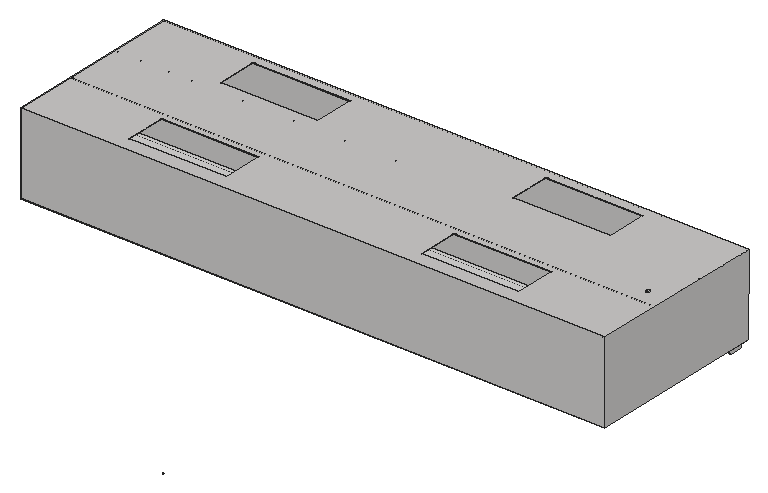
Revit family "QF_ELECTROLUXPROFESSIONAL_641255_STPF1136", category Specialty Equipment, Revit 2014
Reference planes
  plane 1: z = 0
  plane 2 "Center (Left/Right)": x = 150
  plane 3 "LEFT": x = -1650
  plane 4 "RIGHT": x = 1950
  plane 5 "BACK": y = 550
  plane 6 "TOP": z = 2500
  plane 7 "Base": z = 2000
  plane 8: z = 1955
  plane 9 "DrainY": y = 490
  plane 10: x = -1647
  plane 11 "DrainX": x = 1830
  plane 12 "AOLeft2": x = -450
  plane 13 "AORight1": x = 750
  plane 14: x = 1947
  plane 15: x = -1450
  plane 16: x = 1750
  plane 17 "Center (Front/Back)": y = -100
  plane 18 "Front": y = -550
  plane 19 "AOLeft1": x = -1050
  plane 20 "AORight2": x = 1350
  plane 21: y = -464
  plane 22: y = -214
  plane 23: y = 240
  plane 24: y = 490
  plane 25 "EI_y": y = -70
  plane 26 "EIx": x = 1830
Forms (mm)
  Extrusion 1, solid, material "QF_Finishes_Stainless Steel"
    sketch origin (-1650, 0, 360) x (0, 1, 0) y (0, 0, 1)
      loop
        line (550, 1640) -> (550, 2140) -> (-550, 2140) -> (-550, 1640) -> (550, 1640)
    from 0 to 3
  Extrusion 2, solid, material "QF_Finishes_Stainless Steel"
    sketch origin (1950, 0, 360) x (0, 1, 0) y (0, 0, 1)
      loop
        line (550, 1640) -> (550, 2140) -> (-550, 2140) -> (-550, 1640) -> (550, 1640)
    from 0 to -3
  Extrusion 3, solid, material "QF_Finishes_Stainless Steel"
    sketch origin (150, 0, 360) x (0, 1, 0) y (0, 0, 1)
      loop
        line (-550, 2140) -> (-550, 1640) -> (-540, 1640) -> (-540, 1640.8) -> (-549.2, 1640.8) -> (-549.2, 2139.19) -> (549.2, 2139.19) -> (549.2, 1640.8) -> (540, 1640.8) -> (540, 1640) -> (550, 1640) -> (550, 2140) -> (-550, 2140)
    from -1800 to 1800
  Extrusion 4, solid, material "QF_Finishes_Stainless Steel"
    sketch origin (0, 0, 2000) x (0, 1, 0) y (-1, 0, 0)
      loop
        circle (490, -1830) r 4.763
    from -30 to 0
  Extrusion 5, void
    sketch origin (0, 0, 2500) x (0, 1, 0) y (-1, 0, 0)
      loop
        line (-214, 450) -> (-214, 1050) -> (-464, 1050) -> (-464, 450) -> (-214, 450)
    from 0 to -10
  Extrusion 6, solid, material "QF_Finishes_Stainless Steel"
    sketch origin (0, 0, 0) x (1, 0, 0) y (0, 1, 0)
      loop
        line (-1650, 550) -> (-1650, 549) -> (-1649, 549) -> (-1649, 550) -> (-1650, 550)
    from 0 to 1
  Extrusion 7, solid, material "QF_LAMPS"
    sketch origin (150, 0, 360) x (0, 1, 0) y (0, 0, 1)
      loop
        line (-172.823, 1962.324) -> (-18.948, 2086.929) -> (-27.129, 2097.032) -> (-181.003, 1972.426) -> (-172.823, 1962.324)
    from 1797 to -1797
  Sweep 8, solid, material "QF_Finishes_Stainless Steel"
    path origin (0, 0, 0) x (1, 0, 0) y (0, 1, 0)
      loop
        line (1950, 550) -> (-1650, 550) -> (-1650, -550) -> (1950, -550) -> (1950, 550)
    profile origin (1950, 0, 0) x (1, 0, 0) y (0, 0, 1)
      loop
        line (-3, 2000) -> (-3, 2000.8) -> (-19, 2000.8) -> (-19, 2010) -> (-20, 2010) -> (-20, 2000) -> (-3, 2000)
  Extrusion 9, solid, material "QF_Finishes_Stainless Steel"
    sketch origin (150, 0, 0) x (0, 1, 0) y (0, 0, 1)
      loop
        line (414.66, 2095.469) -> (440.643, 2110.471) -> (261.744, 2411.771) -> (235.948, 2396.455) -> (414.66, 2095.469)
    from -1797 to -1600
  Extrusion 10, void
    sketch origin (1134.605, 0, 2500) x (0, 1, 0) y (-1, 0, 0)
      loop
        line (-214, -215.395) -> (-214, 384.605) -> (-464, 384.605) -> (-464, -215.395) -> (-214, -215.395)
    from 0 to -10
  Extrusion 11, solid, material "QF_Finishes_Stainless Steel"
    sketch origin (1830, 0, 0) x (0, 1, 0) y (0, 0, 1)
      loop
        line (539, 2000) -> (441, 2000) -> (441, 1989) -> (448.5, 1989) -> (448.5, 1965)
        arc (448.5, 1965) -> (451.429, 1957.929) -> (458.5, 1955) r 10
        line (458.5, 1955) -> (521.5, 1955)
        arc (521.5, 1955) -> (528.571, 1957.929) -> (531.5, 1965) r 10
        line (531.5, 1965) -> (531.5, 1989) -> (539, 1989) -> (539, 2000)
    from 90 to -90
  Extrusion 12, solid, material "QF_Finishes_Stainless Steel"
    sketch origin (150, 0, 0) x (0, 1, 0) y (0, 0, 1)
      loop
        line (414.66, 2095.469) -> (440.643, 2110.471) -> (261.744, 2411.771) -> (235.948, 2396.455) -> (414.66, 2095.469)
    from 1600 to 1797
  Extrusion 13, solid, material "QF_Finished_Chrome"
    sketch origin (150, 0, 0) x (0, 1, 0) y (0, 0, 1)
      loop
        line (414.66, 2095.469) -> (440.643, 2110.471) -> (261.744, 2411.771) -> (235.948, 2396.455) -> (414.66, 2095.469)
    from -1600 to 1600
  Extrusion 14, void
    sketch origin (0, 1180, 2500) x (0, 1, 0) y (-1, 0, 0)
      loop
        line (-690, 450) -> (-690, 1050) -> (-940, 1050) -> (-940, 450) -> (-690, 450)
    from 0 to -10
  Extrusion 15, void
    sketch origin (1600, 1180, 2500) x (0, 1, 0) y (-1, 0, 0)
      loop
        line (-690, 250) -> (-690, 850) -> (-940, 850) -> (-940, 250) -> (-690, 250)
    from 0 to -10
  Extrusion 16, solid, material "QF_Finishes_Stainless Steel"
    sketch origin (0, 0, 2500) x (0, 1, 0) y (-1, 0, 0)
      loop
        circle (-70, -1830) r 10
    from 0 to 1.6
  Extrusion 17, solid, material "QF_Finishes_Stainless Steel"
    sketch origin (150, 0, 360) x (0, 1, 0) y (0, 0, 1)
      loop
        line (430.005, 1640) -> (540, 1640) -> (540, 1640.8) -> (430.467, 1640.8) -> (371.906, 1742.23) -> (414.858, 1734.657) -> (442.266, 1750.481) -> (442.266, 1765.943) -> (441.466, 1765.943) -> (441.466, 1750.943) -> (414.709, 1735.495) -> (321.153, 1751.991) -> (320.875, 1750.416) -> (371.4, 1741.507) -> (430.005, 1640)
      loop
        line (172.529, 2139.19) -> (242.893, 2017.316) -> (245.133, 2018.715) -> (240.13, 2027.381) -> (238.569, 2026.405) -> (173.453, 2139.19) -> (172.529, 2139.19)
    from -1797 to 1797
  Extrusion 18, solid, material "QF_Finishes_Stainless Steel"
    sketch origin (150, 200.8, 360) x (0, 1, 0) y (0, 0, 1)
      loop
        line (-750, 2139.19) -> (-750, 1640) -> (-686.602, 1640) -> (-599.146, 1690.493) -> (-610.058, 1709.394) -> (-666.564, 1676.77) -> (-714.704, 1680.982) -> (-749.2, 1730.248) -> (-749.2, 2139.19) -> (-750, 2139.19)
      loop
        line (-373.6, 1961.694) -> (-381.937, 1971.99) -> (-369.095, 1982.182) -> (-369.095, 2139.19) -> (-369.895, 2139.19) -> (-369.895, 1982.569) -> (-682.298, 1734.63) -> (-671.091, 1720.79) -> (-373.6, 1961.694)
      loop
        line (-227.61, 2099.216) -> (-218.171, 2087.559) -> (-154.411, 2139.19) -> (-155.682, 2139.19) -> (-218.052, 2088.684) -> (-226.989, 2099.719) -> (-227.61, 2099.216)
    from -1797 to 1797
  Extrusion 19, solid, material "QF_Finishes_Stainless Steel"
    sketch origin (0, 0, 2500) x (0, 1, 0) y (-1, 0, 0)
      loop
        circle (-70, -1830) r 10
    from 0 to 1.6
Cuts and joins
  Extrusion 5, Extrusion 10, Extrusion 14, Extrusion 15 cuts Extrusion 3
  joined: Extrusion 2, Extrusion 3, Sweep 8
Lines and regions (mm)
  symbolic lines, style "SpecialityEquipment", detail levels coarse
    curve 1: line (1950, 550, 2500) -> (-1650, 550, 2500)
    curve 2: line (-1650, 550, 2500) -> (-1650, -550, 2500)
    curve 3: line (1950, -550, 2500) -> (1950, 550, 2500)
    curve 4: line (-1650, 550, 0) -> (1950, -550, 0)
    curve 5: line (1950, 550, 0) -> (-1650, -550, 0)
    curve 6: line (-1650, -550, 0) -> (1950, -550, 0)
  symbolic lines, detail levels coarse
    curve 7: line (-1050, 240, 2500) -> (-450, 240, 2500)
    curve 8: line (-1050, 490, 2500) -> (-1050, 240, 2500)
    curve 9: line (-450, 490, 2500) -> (-1050, 490, 2500)
    curve 10: line (-450, 240, 2500) -> (-450, 490, 2500)
    curve 11: line (750, 490, 2500) -> (750, 240, 2500)
    curve 12: line (1350, 490, 2500) -> (750, 490, 2500)
    curve 13: line (750, 240, 2500) -> (1350, 240, 2500)
    curve 14: line (1350, 240, 2500) -> (1350, 490, 2500)
    curve 15: line (-1050, -214, 2500) -> (-450, -214, 2500)
    curve 16: line (-1050, -464, 2500) -> (-1050, -214, 2500)
    curve 17: line (-450, -464, 2500) -> (-1050, -464, 2500)
    curve 18: line (-450, -214, 2500) -> (-450, -464, 2500)
    curve 19: line (750, -214, 2500) -> (1350, -214, 2500)
    curve 20: line (750, -464, 2500) -> (750, -214, 2500)
    curve 21: line (1350, -464, 2500) -> (750, -464, 2500)
    curve 22: line (1350, -214, 2500) -> (1350, -464, 2500)
Dimensions and locks
  plane 3 "LEFT" to plane 4 "RIGHT" = 3600 mm
  equal spacing: plane 3 "LEFT", plane 2 "Center (Left/Right)", plane 4 "RIGHT"
  plane 7 "Base" to plane 8 = 45 mm
  plane 5 "BACK" to plane 9 "DrainY" = 60 mm  (x2)
  plane 3 "LEFT" to plane 10 = 3 mm
  plane 11 "DrainX" to plane 4 "RIGHT" = 120 mm
  plane 14 to plane 4 "RIGHT" = 3 mm
  plane 3 "LEFT" to plane 15 = 200 mm
  plane 16 to plane 4 "RIGHT" = 200 mm
  locked: plane 12 "AOLeft2" to plane 13 "AORight1" at 1200
  equal spacing: plane 12 "AOLeft2", plane 2 "Center (Left/Right)", plane 13 "AORight1"
  locked: plane 7 "Base" to level at 2000
  locked: plane 6 "TOP" to plane 7 "Base" at 500
  locked: plane 19 "AOLeft1" to plane 12 "AOLeft2" at 600
  locked: plane 13 "AORight1" to plane 20 "AORight2" at 600
  locked: plane 22 to plane 21 at 250
  locked: plane 21 to plane 18 "Front" at 86
  locked: plane 24 to plane 23 at 250
  locked: plane 5 "BACK" to plane 24 at 60
  locked: plane 25 "EI_y" to plane 18 "Front" at 480
  locked: plane 26 "EIx" to plane 4 "RIGHT" at 120
  locked: plane 5 "BACK" to plane 18 "Front" at 1100
  plane 5 "BACK" to plane 18 "Front" = 1100 mm
  aligned and locked: level to plane 1
  aligned and locked: plane 4 "RIGHT" to Extrusion 3
  aligned and locked: Extrusion 3 to plane 3 "LEFT"
  aligned and locked: Extrusion 2 to plane 14
  aligned and locked: Extrusion 9 to plane 10
  aligned and locked: Extrusion 5 to plane 19 "AOLeft1"
  aligned and locked: Extrusion 5 to plane 12 "AOLeft2"
  aligned and locked: plane 20 "AORight2" to Extrusion 10
  aligned and locked: plane 13 "AORight1" to Extrusion 10
  aligned and locked: plane 15 to Extrusion 9
  aligned and locked: plane 16 to Extrusion 12
  aligned and locked: plane 14 to Extrusion 12
  aligned and locked: Extrusion 13 to plane 15
  aligned and locked: Extrusion 13 to plane 16
  aligned and locked: plane 14 to Extrusion 7
  aligned and locked: Extrusion 7 to plane 10
  aligned and locked: Extrusion 14 to plane 23
  aligned and locked: plane 24 to Extrusion 14
  aligned and locked: plane 24 to Extrusion 15
  aligned and locked: Extrusion 15 to plane 23
  aligned and locked: plane 13 "AORight1" to Extrusion 15
  aligned and locked: plane 20 "AORight2" to Extrusion 15
  aligned and locked: Extrusion 14 to plane 19 "AOLeft1"
  aligned and locked: Extrusion 14 to plane 12 "AOLeft2"
  aligned and locked: Extrusion 17 to plane 10
  aligned and locked: plane 14 to Extrusion 17
  aligned and locked: Extrusion 5 to plane 21
  aligned and locked: plane 22 to Extrusion 5
  aligned and locked: Extrusion 10 to plane 21
  aligned and locked: Extrusion 18 to plane 10
  aligned and locked: plane 14 to Extrusion 18
Automatic sketch dimensions
  curve 6 to plane 3 "LEFT" = 0 mm
  curve 4 to plane 3 "LEFT" = 0 mm
  curve 5 to plane 4 "RIGHT" = 0 mm
  curve 6 to plane 4 "RIGHT" = 0 mm
  curve 4 to plane 18 "Front" = 0 mm
  curve 4 to plane 5 "BACK" = 0 mm
  curve 5 to plane 5 "BACK" = 0 mm
  Extrusion 1 sketch curve to plane 7 "Base" = 0 mm
  Extrusion 1 sketch curve to plane 18 "Front" = 0 mm
  Extrusion 1 sketch curve to plane 5 "BACK" = 0 mm
  Extrusion 1 sketch curve to plane 6 "TOP" = 0 mm
  Extrusion 2 sketch curve to plane 7 "Base" = 0 mm
  Extrusion 2 sketch curve to plane 18 "Front" = 0 mm
  Extrusion 2 sketch curve to plane 5 "BACK" = 0 mm
  Extrusion 2 sketch curve to plane 6 "TOP" = 0 mm
  Extrusion 3 sketch curve to plane 6 "TOP" = 0 mm
  Extrusion 3 sketch curve to plane 18 "Front" = 0 mm
  Extrusion 3 sketch curve to plane 7 "Base" = 0 mm  (x2)
  Extrusion 3 sketch curve to plane 5 "BACK" = 0 mm
  plane 18 "Front" to Extrusion 3 sketch curve = 0.8 mm
  Extrusion 3 sketch curve to Extrusion 3 sketch curve = 9.2 mm
  plane 7 "Base" to Extrusion 3 sketch curve = 0.8 mm  (x2)
  Extrusion 3 sketch curve to plane 5 "BACK" = 10 mm
  Extrusion 3 sketch curve to plane 5 "BACK" = 0.8 mm
  Extrusion 3 sketch curve to plane 6 "TOP" = 0.81 mm
  Extrusion 4 sketch curve to plane 9 "DrainY" = 0 mm
  Extrusion 4 sketch curve to plane 11 "DrainX" = 0 mm
  Extrusion 5 sketch curve to plane 12 "AOLeft2" = 0 mm
  Extrusion 5 sketch curve to plane 19 "AOLeft1" = 0 mm
  plane 21 to Extrusion 5 sketch curve = 0 mm
  Extrusion 5 sketch curve to plane 25 "EI_y" = 144 mm
  Extrusion 6 sketch curve to plane 3 "LEFT" = 0 mm
  Extrusion 6 sketch curve to plane 5 "BACK" = 0 mm
  plane 3 "LEFT" to Extrusion 6 sketch curve = 1 mm
  Extrusion 6 sketch curve to Extrusion 6 sketch curve = 1 mm
  plane 22 to Extrusion 7 sketch curve = 32.997 mm
  Extrusion 7 sketch curve to Extrusion 7 sketch curve = 8.181 mm  (x2)
  plane 25 "EI_y" to Extrusion 7 sketch curve = 42.871 mm
  Extrusion 7 sketch curve to plane 6 "TOP" = 177.676 mm
  Extrusion 7 sketch curve to Extrusion 7 sketch curve = 10.102 mm
  Extrusion 7 sketch curve to plane 6 "TOP" = 53.071 mm
  Extrusion 7 sketch curve to Extrusion 7 sketch curve = 10.103 mm
  Sweep 8 sketch curve to plane 3 "LEFT" = 0 mm
  Sweep 8 sketch curve to plane 4 "RIGHT" = 0 mm
  Sweep 8 sketch curve to plane 18 "Front" = 0 mm
  Sweep 8 sketch curve to plane 5 "BACK" = 0 mm
  profile plane to Sweep 8 sketch curve = 20 mm
  Sweep 8 sketch curve to Sweep 8 sketch curve = 1 mm
  profile plane to Sweep 8 sketch curve = 3 mm
  level to Sweep 8 sketch curve = 2000 mm
  Sweep 8 sketch curve to Sweep 8 sketch curve = 0.8 mm
  Sweep 8 sketch curve to Sweep 8 sketch curve = 9.2 mm
  Extrusion 9 sketch curve to plane 23 = 4.052 mm
  plane 23 to Extrusion 9 sketch curve = 21.744 mm
  Extrusion 9 sketch curve to plane 9 "DrainY" = 75.34 mm
  Extrusion 9 sketch curve to Extrusion 9 sketch curve = 25.983 mm
  plane 7 "Base" to Extrusion 9 sketch curve = 95.469 mm
  Extrusion 9 sketch curve to Extrusion 9 sketch curve = 15.001 mm
  Extrusion 9 sketch curve to plane 6 "TOP" = 103.545 mm
  Extrusion 9 sketch curve to Extrusion 9 sketch curve = 15.316 mm
  Extrusion 10 sketch curve to plane 20 "AORight2" = 0 mm
  Extrusion 10 sketch curve to plane 13 "AORight1" = 0 mm
  plane 21 to Extrusion 10 sketch curve = 0 mm
  Extrusion 10 sketch curve to plane 25 "EI_y" = 144 mm
  Extrusion 11 sketch curve to plane 8 = 0 mm
  Extrusion 11 sketch curve to plane 7 "Base" = 11 mm  (x2)
  Extrusion 11 sketch curve to plane 9 "DrainY" = 49 mm
  Extrusion 11 sketch curve to Extrusion 11 sketch curve = 7.5 mm  (x2)
  Extrusion 11 sketch curve to Extrusion 11 sketch curve = 10 mm
  Extrusion 11 sketch curve to plane 5 "BACK" = 28.5 mm
  Extrusion 11 sketch curve to plane 5 "BACK" = 18.5 mm
  plane 7 "Base" to Extrusion 11 sketch curve = 0 mm
  Extrusion 12 sketch curve to plane 23 = 4.052 mm
  plane 23 to Extrusion 12 sketch curve = 21.744 mm
  Extrusion 12 sketch curve to plane 9 "DrainY" = 75.34 mm
  Extrusion 12 sketch curve to Extrusion 12 sketch curve = 25.983 mm
  plane 7 "Base" to Extrusion 12 sketch curve = 95.469 mm
  Extrusion 12 sketch curve to Extrusion 12 sketch curve = 15.001 mm
  Extrusion 12 sketch curve to plane 6 "TOP" = 103.545 mm
  Extrusion 12 sketch curve to Extrusion 12 sketch curve = 15.316 mm
  Extrusion 13 sketch curve to plane 23 = 4.052 mm
  plane 23 to Extrusion 13 sketch curve = 21.744 mm
  Extrusion 13 sketch curve to plane 9 "DrainY" = 75.34 mm
  Extrusion 13 sketch curve to Extrusion 13 sketch curve = 25.983 mm
  plane 7 "Base" to Extrusion 13 sketch curve = 95.469 mm
  Extrusion 13 sketch curve to Extrusion 13 sketch curve = 15.001 mm
  Extrusion 13 sketch curve to plane 6 "TOP" = 103.545 mm
  Extrusion 13 sketch curve to Extrusion 13 sketch curve = 15.316 mm
  Extrusion 14 sketch curve to plane 12 "AOLeft2" = 0 mm
  Extrusion 14 sketch curve to plane 23 = 0 mm
  Extrusion 14 sketch curve to plane 9 "DrainY" = 0 mm
  Extrusion 14 sketch curve to plane 19 "AOLeft1" = 0 mm
  Extrusion 15 sketch curve to plane 20 "AORight2" = 0 mm
  Extrusion 15 sketch curve to plane 23 = 0 mm
  Extrusion 15 sketch curve to plane 9 "DrainY" = 0 mm
  Extrusion 15 sketch curve to plane 13 "AORight1" = 0 mm
  Extrusion 16 sketch curve to plane 25 "EI_y" = 0 mm
  Extrusion 16 sketch curve to plane 26 "EIx" = 0 mm
  Extrusion 17 sketch curve to plane 7 "Base" = 0 mm
  Extrusion 17 sketch curve to plane 6 "TOP" = 0.81 mm
  Extrusion 17 sketch curve to plane 23 = 67.471 mm
  Extrusion 17 sketch curve to Extrusion 17 sketch curve = 0.924 mm
  Extrusion 17 sketch curve to plane 23 = 1.431 mm
  plane 23 to Extrusion 17 sketch curve = 0.13 mm
  plane 23 to Extrusion 17 sketch curve = 2.893 mm
  Extrusion 17 sketch curve to Extrusion 17 sketch curve = 2.24 mm
  plane 23 to Extrusion 17 sketch curve = 80.875 mm
  Extrusion 17 sketch curve to Extrusion 17 sketch curve = 0.278 mm
  Extrusion 17 sketch curve to Extrusion 17 sketch curve = 50.525 mm
  Extrusion 17 sketch curve to Extrusion 17 sketch curve = 0.506 mm
  Extrusion 17 sketch curve to Extrusion 17 sketch curve = 42.803 mm
  Extrusion 17 sketch curve to Extrusion 17 sketch curve = 0.148 mm
  Extrusion 17 sketch curve to plane 9 "DrainY" = 59.995 mm
  plane 7 "Base" to Extrusion 17 sketch curve = 0.8 mm
  Extrusion 17 sketch curve to Extrusion 17 sketch curve = 0.462 mm  (x2)
  Extrusion 17 sketch curve to Extrusion 17 sketch curve = 109.533 mm
  Extrusion 17 sketch curve to Extrusion 17 sketch curve = 26.757 mm
  Extrusion 17 sketch curve to Extrusion 17 sketch curve = 0.8 mm
  plane 7 "Base" to Extrusion 17 sketch curve = 94.657 mm
  Extrusion 17 sketch curve to Extrusion 17 sketch curve = 0.838 mm
  Extrusion 17 sketch curve to Extrusion 17 sketch curve = 6.012 mm
  Extrusion 17 sketch curve to Extrusion 17 sketch curve = 0.723 mm
  Extrusion 17 sketch curve to Extrusion 17 sketch curve = 14.986 mm
  Extrusion 17 sketch curve to Extrusion 17 sketch curve = 15 mm
  Extrusion 17 sketch curve to plane 6 "TOP" = 122.684 mm
  Extrusion 17 sketch curve to Extrusion 17 sketch curve = 1.399 mm
  Extrusion 17 sketch curve to Extrusion 17 sketch curve = 9.089 mm
  Extrusion 17 sketch curve to Extrusion 17 sketch curve = 0.975 mm
  Extrusion 18 sketch curve to plane 7 "Base" = 0 mm
  Extrusion 18 sketch curve to Extrusion 18 sketch curve = 0.8 mm  (x2)
  plane 7 "Base" to Extrusion 18 sketch curve = 40.982 mm
  Extrusion 18 sketch curve to Extrusion 18 sketch curve = 35.296 mm
  Extrusion 18 sketch curve to Extrusion 18 sketch curve = 28.102 mm
  plane 7 "Base" to Extrusion 18 sketch curve = 94.63 mm
  Extrusion 18 sketch curve to Extrusion 18 sketch curve = 32.405 mm
  plane 7 "Base" to Extrusion 18 sketch curve = 80.79 mm
  Extrusion 18 sketch curve to Extrusion 18 sketch curve = 11.207 mm
  plane 7 "Base" to Extrusion 18 sketch curve = 36.77 mm
  Extrusion 18 sketch curve to Extrusion 18 sketch curve = 20.038 mm
  plane 7 "Base" to Extrusion 18 sketch curve = 69.394 mm
  Extrusion 18 sketch curve to Extrusion 18 sketch curve = 61.033 mm
  plane 7 "Base" to Extrusion 18 sketch curve = 50.493 mm
  Extrusion 18 sketch curve to Extrusion 18 sketch curve = 10.912 mm
  Extrusion 18 sketch curve to plane 6 "TOP" = 168.01 mm
  Extrusion 18 sketch curve to Extrusion 18 sketch curve = 228.121 mm
  Extrusion 18 sketch curve to plane 6 "TOP" = 178.306 mm
  Extrusion 18 sketch curve to Extrusion 18 sketch curve = 8.337 mm
  Extrusion 18 sketch curve to plane 6 "TOP" = 157.431 mm
  Extrusion 18 sketch curve to Extrusion 18 sketch curve = 12.042 mm
  Extrusion 18 sketch curve to plane 6 "TOP" = 157.818 mm
  Extrusion 18 sketch curve to plane 6 "TOP" = 40.784 mm
  Extrusion 18 sketch curve to Extrusion 18 sketch curve = 141.485 mm
  Extrusion 18 sketch curve to plane 6 "TOP" = 40.281 mm
  Extrusion 18 sketch curve to Extrusion 18 sketch curve = 0.622 mm
  Extrusion 18 sketch curve to plane 6 "TOP" = 52.441 mm
  Extrusion 18 sketch curve to plane 6 "TOP" = 51.316 mm
  Extrusion 18 sketch curve to plane 6 "TOP" = 0.81 mm  (x3)
  Extrusion 18 sketch curve to Extrusion 18 sketch curve = 62.37 mm
  Extrusion 18 sketch curve to Extrusion 18 sketch curve = 1.271 mm
  Extrusion 18 sketch curve to Extrusion 18 sketch curve = 49.266 mm
  Extrusion 19 sketch curve to plane 25 "EI_y" = 0 mm
  Extrusion 19 sketch curve to plane 26 "EIx" = 0 mm
  plane 18 "Front" to Extrusion 18 sketch curve = 0.8 mm
  curve 2 to plane 3 "LEFT" = 0 mm
  curve 2 to plane 18 "Front" = 0 mm
  curve 3 to plane 4 "RIGHT" = 0 mm
  curve 3 to plane 18 "Front" = 0 mm
  curve 21 to plane 13 "AORight1" = 0 mm
  curve 21 to plane 21 = 0 mm
  curve 18 to plane 12 "AOLeft2" = 0 mm
  curve 18 to plane 21 = 0 mm
  curve 19 to plane 20 "AORight2" = 0 mm
  curve 19 to plane 22 = 0 mm
  curve 15 to plane 22 = 0 mm
  curve 13 to plane 13 "AORight1" = 0 mm
  curve 13 to plane 23 = 0 mm
  curve 10 to plane 12 "AOLeft2" = 0 mm
  curve 10 to plane 23 = 0 mm
  curve 14 to plane 9 "DrainY" = 0 mm
  curve 10 to plane 9 "DrainY" = 0 mm
  curve 2 to plane 5 "BACK" = 0 mm
  curve 14 to plane 20 "AORight2" = 0 mm
  curve 17 to plane 19 "AOLeft1" = 0 mm
  curve 7 to plane 19 "AOLeft1" = 0 mm
  radius of Extrusion 4 sketch curve = 4.763 mm
  radius of Extrusion 16 sketch curve = 10 mm
  radius of Extrusion 19 sketch curve = 10 mm
Connectors
  piping at (1830, 490, 1970), diameter 9.5
    settings: on Extrusion 4, index 1, connector inside diameter 609.6 mm, connector length 0 mm, flow factor 0, pipe flow 0.0 L/s, pressure drop 0.0 Pa, fitting loss kfactor 0, connector angle 0.00°, fixture units 0, engagement length 0 mm, angle of deflection 0.00°, flow configuration 1, flow direction 2, fitting loss method 0, system type 16, joint type 0, gender type 0, connector reference index -1, connector utility 0, adjustable connector no, is connector primary yes, connector description "Drain"
  hvac at (-750, -339, 2500)
    settings: on Extrusion 5, index 2, duct flow 0.0 L/s, flow factor 0, pres drop 0.0 Pa, loss coef 0, conn angle 0.00°, conn width 250 mm, conn height 600 mm, conn diameter 609.6 mm, duct sys type 1, conn prof type 1, flow config 1, flow direction 1, loss method 0, conn ref index -1, conn util no, is conn primary yes, conn desc "AIR INLET"
  hvac at (1050, -339, 2500)
    settings: on Extrusion 10, index 3, duct flow 0.0 L/s, flow factor 0, pres drop 0.0 Pa, loss coef 0, conn angle 0.00°, conn width 250 mm, conn height 600 mm, conn diameter 609.6 mm, duct sys type 1, conn prof type 1, flow config 1, flow direction 1, loss method 0, conn ref index -1, conn util no, is conn primary no, conn desc "AIR INLET"
  hvac at (-750, 365, 2500)
    settings: on Extrusion 14, index 4, duct flow 0.0 L/s, flow factor 0, pres drop 0.0 Pa, loss coef 0, conn angle 0.00°, conn width 250 mm, conn height 600 mm, conn diameter 609.6 mm, duct sys type 3, conn prof type 1, flow config 1, flow direction 2, loss method 0, conn ref index -1, conn util no, is conn primary no, conn desc "EXHAUST OUTLET"
  hvac at (1050, 365, 2500)
    settings: on Extrusion 15, index 5, duct flow 0.0 L/s, flow factor 0, pres drop 0.0 Pa, loss coef 0, conn angle 0.00°, conn width 250 mm, conn height 600 mm, conn diameter 609.6 mm, duct sys type 3, conn prof type 1, flow config 1, flow direction 2, loss method 0, conn ref index -1, conn util no, is conn primary no, conn desc "EXHAUST OUTLET"
  electrical at (1830, -70, 2501.6)
    settings: on Extrusion 16, index 6, voltage 0 V, apparent load 0 VA, apparent load phase1 0 VA, apparent load phase2 0 VA, apparent load phase3 0 VA, power factor 1, load classification "Other", number of poles 1, system type 30, power factor state 1, is connector primary yes, connector utility no, sub classification motor no, connector description "Electrical Connection"
  electrical at (1830, -70, 2501.6)
    settings: on Extrusion 19, index 12, voltage 0 V, apparent load 0 VA, apparent load phase1 0 VA, apparent load phase2 0 VA, apparent load phase3 0 VA, power factor 1, load classification "Other", number of poles 1, system type 30, power factor state 1, is connector primary no, connector utility no, sub classification motor no, connector description ""
